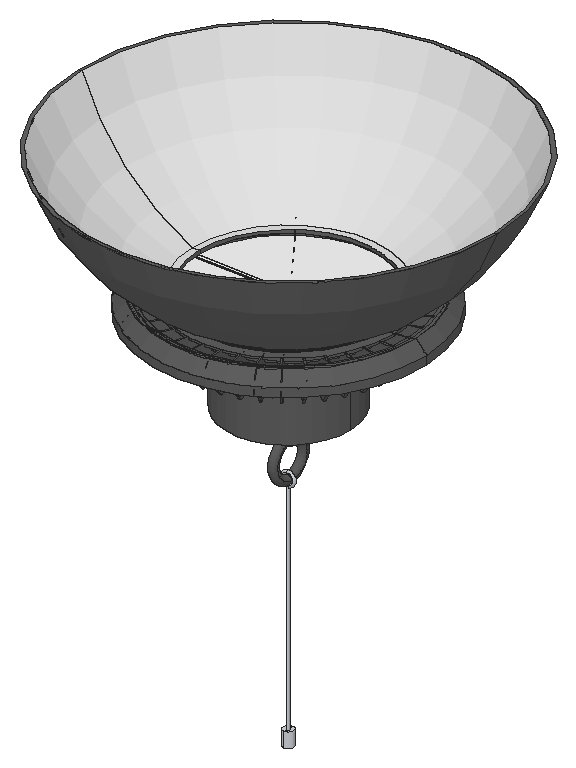
Revit family "0039362+0039357 Sylvania Lighting Fixture START HighBay IP65 DALI 13000lm 840 MB with ALU SHADE BLACK COLOR FOR 13 19KLM pendant", category Lighting Fixtures, host Face, Revit 2017
Family settings
  Host = Face
  Round Connector Dimension = Use Diameter
  Part Type = Normal
  OmniClass Number = 23.80.70.00
  OmniClass Title = Lighting
  Cut with Voids When Loaded = No
  Light Source = Yes
  Shared = No
  Room Calculation Point = No
Parameters (values of type "0039362+0039357 START HighBay IP65 DALI 13000lm 840 MB with ALU SHADE BLACK COLOR FOR 13/19KLM")
  WidthStraight_FEILO = if(SizeS_FEILO, 3 mm, if(SizeM_FEILO, 4 mm, 4.7 mm))  # 3 mm
  WidthRingChamfer_FEILO = if(SizeS_FEILO, 10.3 mm, if(SizeM_FEILO, 11.2 mm, 12.9 mm))  # 10.3 mm
  WidthCurved_FEILO = if(SizeS_FEILO, 17.4 mm, if(SizeM_FEILO, 16.4 mm, 26.2 mm))  # 17.4 mm
  WidthCurvedRing_FEILO = if(SizeS_FEILO, 3 mm, if(SizeM_FEILO, 4 mm, 4.7 mm))  # 3 mm
  WidthBracket_FEILO = 40 mm
  Weight = "3.0 kg"
  Wattage Comments = ""
  Wattage = 90 W
  WarrantyStartDate [instance] = "n/a"
  WarrantyGuarantorParts = "n/a"
  WarrantyDurationUnit = "n/a"
  WarrantyDurationParts = "n/a"
  WarrantyDescription = "n/a"
  built-in parameter 1150110 = 1 (stored number, unit not read)
  Voltage = 0 V
  VisibilityBracket_FEILO = no
  URL = "http://www.sylvania-lighting.com"
  TypeName = "START HighBay IP65 DALI 13000lm 840 MB with ALU SHADE BLACK COLOR FOR 13/19KLM"
  Type Image = <None>
  Type Comments = "n/a"
  built-in parameter 1114217 = 1 (stored number, unit not read)
  Tilt Angle = -90.00°
  ThicknessWall_FEILO = 1.5 mm
  ThicknessBracket_FEILO = 1.5 mm
  ThicknessBracketHalf_FEILO = ThicknessBracket_FEILO / 2  # 0.75 mm
  built-in parameter 1150109 = 1 (stored number, unit not read)
  built-in parameter 1150134 = 12
  SuspensionHeight_FEILO [instance] = 400 mm
  built-in parameter 1150113 = 1 (stored number, unit not read)
  SizeS_FEILO = yes
  SizeM_FEILO = no
  ShadeThickness_FEILO = 3 mm
  ShadeSizeSM_FEILO = or(SizeS_FEILO, SizeM_FEILO)  # yes
  ShadeRadiusOut_FEILO = 205 mm
  ShadeRadiusIn_FEILO = if(ShadeSizeSM_FEILO, 95 mm, 121 mm)  # 95 mm
  ShadeRadiusBend_FEILO = if(ShadeSizeSM_FEILO, 210 mm, 210 mm)  # 210 mm
  ShadeHeight_FEILO = if(ShadeSizeSM_FEILO, 120 mm, 151 mm)  # 120 mm
  SerialNumber [instance] = "n/a"
  Rib4_FEILO = if(SizeS_FEILO, 18.1 mm, if(SizeM_FEILO, 13.6 mm, 14.6 mm))  # 18.1 mm
  Rib3_FEILO = if(SizeS_FEILO, 15.3 mm, if(SizeM_FEILO, 17.6 mm, 20.2 mm))  # 15.3 mm
  Rib2_FEILO = if(SizeS_FEILO, 3.6 mm, if(SizeM_FEILO, 3.9 mm, 4.5 mm))  # 3.6 mm
  Rib1_FEILO = if(SizeS_FEILO, 15.1 mm, if(SizeM_FEILO, 16.5 mm, 19 mm))  # 15.1 mm
  RadiusDiffuser_FEILO = if(SizeS_FEILO, 95.2 mm, if(SizeM_FEILO, 105.3 mm, 120 mm))  # 95.2 mm
  RadiusArrayPost_FEILO = DriverRadius_FEILO - 6 mm  # 55.4 mm
  RHRadius3_FEILO = if(SizeS_FEILO, 6.6 mm, if(SizeM_FEILO, 7.4 mm, 8.6 mm))  # 6.6 mm
  RHRadius2_FEILO = if(SizeS_FEILO, 11 mm, if(SizeM_FEILO, 12 mm, 14 mm))  # 11 mm
  RHRadius1_FEILO = if(SizeS_FEILO, 13.6 mm, if(SizeM_FEILO, 14.9 mm, 17.7 mm))  # 13.6 mm
  RHHeight4_FEILO = if(SizeS_FEILO, 7.3 mm, if(SizeM_FEILO, 8 mm, 9.2 mm))  # 7.3 mm
  RHHeight3_FEILO = if(SizeS_FEILO, 3.6 mm, if(SizeM_FEILO, 3.7 mm, 4.6 mm))  # 3.6 mm
  RHHeight2_FEILO = if(SizeS_FEILO, 2 mm, if(SizeM_FEILO, 2.2 mm, 2.6 mm))  # 2 mm
  RHHeight1_FEILO = if(SizeS_FEILO, 11.8 mm, if(SizeM_FEILO, 15.3 mm, 17.4 mm))  # 11.8 mm
  Photometric Web File = "0039362+0039357.ies"
  Material_5_FEILO = Shade-Sylvania-StartHighbay-Alu
  Material_3_FEILO = LED-Sylvania-StartHighbay-Glow
  PowerFactor = 0.95
  PowerConsumption = "90 W"
  NominalLength = 270 mm
  NominalHeight = 175 mm
  NominalDepth = 270 mm
  Name = "START HighBay IP65 DALI 13000lm 840 MB with ALU SHADE BLACK COLOR FOR 13/19KLM"
  ModelReference = Name  # "START HighBay IP65 DALI 13000lm 840 MB with ALU SHADE BLACK COLOR FOR 13/19KLM"
  ModelNumber = "0039362+0039357"
  Model = Name  # "START HighBay IP65 DALI 13000lm 840 MB with ALU SHADE BLACK COLOR FOR 13/19KLM"
  Material = "aluminium alloy housing, polycarbonate diffuser"
  ManufacturerName = "Feilo Sylvania"
  Manufacturer = "Feilo Sylvania"
  LuminousEfficacy = "130 lm/W"
  built-in parameter 1150105 = 15901.2 (stored number, unit not read)
  Lumens = 11700 lm
  LuminaireType = ""
  built-in parameter 1150115 = 1 (stored number, unit not read)
  LightOutputRatio = "n/a"
  built-in parameter 1150137 = (empty or 0)
  built-in parameter 1150139 = (empty or 0)
  LampsType = Lamp  # "LED"
  LampNominalLuminous = "11700 lm"
  LampMacAdamStep = "6"
  LampColourTemperature = "4000 K"
  LampColourRenderingIndex = "80"
  built-in parameter 1150112 = 1 (stored number, unit not read)
  built-in parameter 1150114 = 1 (stored number, unit not read)
  Lamp = "LED"
  Keynote = "16500"
  InstallationDate [instance] = "n/a"
  InputVoltage = "n/a"
  InputNominalFrequency = "50/60 Hz"
  built-in parameter 1150132 = (empty or 0)
  built-in parameter 1150102 = (empty or 0)
  built-in parameter 1150107 = 4000 (stored number, unit not read)
  built-in parameter 1150138 = (empty or 0)
  IngressProtection = "IP65"
  ImpactProtectionIndex = "IK08"
  built-in parameter 1150106 = 159.01 (stored number, unit not read)
  IfcExportType = "IfcLightFixtureType"
  IfcExportAs = "IfcLightFixtureType"
  HeightRing_FEILO = if(SizeS_FEILO, 19.8 mm, if(SizeM_FEILO, 32 mm, 36.8 mm))  # 19.8 mm
  HeightRingChamfer_FEILO = if(SizeS_FEILO, 11.7 mm, if(SizeM_FEILO, 23.2 mm, 26.6 mm))  # 11.7 mm
  EyeThickness_FEILO = if(SizeS_FEILO, 8.4 mm, if(SizeM_FEILO, 9.2 mm, 10.5 mm))  # 8.4 mm
  EyeThicknessHalf_FEILO = EyeThickness_FEILO / 2  # 4.2 mm
  EyeInner_FEILO = if(SizeS_FEILO, 13.8 mm, if(SizeM_FEILO, 15.1 mm, 17.3 mm))  # 13.8 mm
  ExpectedLife = 50000
  Emit from Circle Diameter = RadiusDiffuser_FEILO * 2  # 190.4 mm
  Emit Shape Visible in Rendering = no
  ElectricShockClassification = "Class I"
  built-in parameter 1150104 = 12.077 (stored number, unit not read)
  DurationUnit = "hours"
  DriverVerticalStraight_FEILO = if(SizeS_FEILO, 46.5 mm, if(SizeM_FEILO, 49.7 mm, 57 mm))  # 46.5 mm
  DriverVerticalChamfer_FEILO = if(SizeS_FEILO, 7.5 mm, if(SizeM_FEILO, 8.2 mm, 9.5 mm))  # 7.5 mm
  DriverRadius_FEILO = if(SizeS_FEILO, 61.4 mm, if(SizeM_FEILO, 67.2 mm, 76.4 mm))  # 61.4 mm
  DriverRadiusTop_FEILO = if(SizeS_FEILO, 42 mm, if(SizeM_FEILO, 45.3 mm, 52.4 mm))  # 42 mm
  DriverBottom_FEILO = if(SizeS_FEILO, 56 mm, if(SizeM_FEILO, 64.5 mm, 74 mm))  # 56 mm
  DocumentationLiterature = "http://www.sylvania-lighting.com/product/en-int/products/0039362"
  DimmingControlOptions = "Dimmable"
  Material_2_FEILO = Diffuser-Sylvania-StartHighbay-Transparent
  Radius_FEILO = if(SizeS_FEILO, 135 mm, if(SizeM_FEILO, 148 mm, 169.5 mm))  # 135 mm
  Dimming Lamp Color Temperature Shift = <None>
  DiameterWire_FEILO = 3 mm
  DiameterWireSupport_FEILO = 10 mm
  Description = "START Highbay, includes 1 m cables, black aluminium housing, 11,700 Lm, 90 W, 130 Lm/W, 4000 K, drive current: 2000 mA, CRI 80, 60° beam angle, DALI dimmable, IP65, IK08, 50,000 hrs (L80/B50), (D x H) 270 x 175 mm."
  Default Elevation = 1219.2 mm
  CreatedOn = "5/15/2018"
  CreatedBy = ""
  Cost = 0
  Color Filter = 16777215
  built-in parameter 1114216 [instance] = (empty or 0)
  ClassificationValue = "EF_70_80"
  ClassificationName = "Uniclass2015"
  Material_1_FEILO = Body-Sylvania-StartHighbay-Black
  BarCode [instance] = "n/a"
  built-in parameter 1114218 = 1 (stored number, unit not read)
  built-in parameter 1150133 = 10 (stored number, unit not read)
  AssetType = "Fixed"
  AssetIdentifier [instance] = "n/a"
  Assembly Code = "D5020200"
  Apparent Load = 90 VA
  Material_4_FEILO = Shade-Sylvania-StartHighbay-Black
Reference planes
  plane 1 "Center (Front/Back)": y = 0
  plane 2: z = 0
  plane 3 "Center (Left/Right)": x = 0
  plane 4: z = 400
  plane 5: x = -135
  plane 6: x = -124.7
  plane 7: z = 388.3
  plane 8: z = 380.2
  plane 9: x = -121.7
  plane 10: z = 397.375
  plane 11: x = -104.3
  plane 12: x = -95.2
  plane 13: x = -118.7
  plane 14: z = 398.375
  plane 15: z = 396.375
  plane 16: x = -92.2
  plane 17: z = 395.375
  plane 18: x = -133.5
  plane 19: x = -119.9
  plane 20: z = 376.6
  plane 21: x = -104.6
  plane 22: z = 358.5
  plane 23: x = -20
  plane 24: z = 344
  plane 25: x = -61.4
  plane 26: z = 297.5
  plane 27: x = -42
  plane 28: z = 290
  plane 29: x = -13.6
  plane 30: z = 278.2
  plane 31: z = 276.2
  plane 32: x = -11
  plane 33: z = 272.6
  plane 34: z = 265.3
  plane 35: x = -6.6
  plane 36: z = 251.5
  plane 37: z = 237.7
  plane 38: x = 4.2
  plane 39: x = -4.2
  plane 40: z = 229.3
  plane 41: z = 233.5
  plane 42: x = -129.1
  plane 43: x = -132.5
  plane 44: z = 378.7
  plane 45: x = -123.2
  plane 46: z = 320.75
  plane 47: y = -20
  plane 48: y = 20
  plane 49: x = 135
  plane 50: x = 124.7
  plane 51: x = 133.5
  plane 52: x = 129.1
  plane 53: x = 132.5
  plane 54: x = 123.2
  plane 55: z = 240.7
  plane 56: y = 1.5
  plane 57: y = -1.5
  plane 58: z = 239.2
  plane 59: z = 227.8
  plane 60: z = 226.3
  plane 61: y = -5
  plane 62: y = 5
  plane 63: z = 14
  plane 64: x = -205
  plane 65: z = 520
  plane 66: x = -95
  plane 67: x = -87
  plane 68: x = -202
  plane 69: z = 403
Forms (mm)
  Revolve 1, solid, material "Body-Sylvania-StartHighbay-Black" <- "Material_1_FEILO", detail levels medium+fine
    sketch origin (0, 0, 0) x (1, 0, 0) y (0, 0, 1)
      loop
        line (-135, 380.2) -> (-133.5, 380.2) -> (-133.5, 387.734) -> (-125.012, 397.375) -> (-118.7, 397.375) -> (-118.7, 399.16)
        arc (-118.7, 399.16) -> (-120.206, 399.56) -> (-121.7, 400) r 58.981
        line (-121.7, 400) -> (-124.241, 400)
        arc (-124.241, 400) -> (-124.657, 399.911) -> (-124.999, 399.66) r 1.015
        line (-124.999, 399.66) -> (-135, 388.3) -> (-135, 380.2)
      axis (0, 400) -> (0, 380.2)
    angle from 360 to 0
  Revolve 2, solid, material "Body-Sylvania-StartHighbay-Black" <- "Material_1_FEILO", detail levels medium+fine
    sketch origin (0, 0, 0) x (1, 0, 0) y (0, 0, 1)
      loop
        line (-104.3, 395.375) -> (-95.2, 395.375) -> (-95.2, 388.3) -> (0, 388.3) -> (0, 395.375) -> (-92.2, 395.375) -> (-92.2, 396.375) -> (-95.2, 396.375) -> (-95.2, 397.375) -> (-104.3, 397.375) -> (-104.3, 395.375)
      axis (0, 397.375) -> (0, 388.3)
    angle from 360 to 0
  Revolve 3, solid, material "Diffuser-Sylvania-StartHighbay-Transparent" <- "Material_2_FEILO", detail levels medium+fine
    sketch origin (0, 0, 0) x (1, 0, 0) y (0, 0, 1)
      loop
        line (-95.2, 396.375) -> (0, 396.375) -> (0, 398.375) -> (-95.2, 398.375) -> (-95.2, 396.375)
      axis (0, 398.375) -> (0, 396.375)
    angle from 360 to 0
  Revolve 4, solid, material "Body-Sylvania-StartHighbay-Black" <- "Material_1_FEILO"
    sketch origin (0, 0, 0) x (1, 0, 0) y (0, 0, 1)
      loop
        line (-61.4, 358.5) -> (-61.4, 297.5) -> (-42, 290) -> (-13.6, 290) -> (-13.6, 278.2) -> (-11, 276.2) -> (-11, 272.6) -> (-7.037, 266.026)
        arc (-7.037, 266.026) -> (-6.49, 265.494) -> (-5.753, 265.3) r 1.5
        line (-5.753, 265.3) -> (0, 265.3) -> (0, 358.5) -> (-61.4, 358.5)
      axis (0, 358.5) -> (0, 265.3)
    angle from 360 to 0
  Revolve 5, solid, material "Body-Sylvania-StartHighbay-Black" <- "Material_1_FEILO"
    sketch origin (0, 0, 0) x (1, 0, 0) y (0, 0, 1)
      loop
        circle (0, 233.5) r 4.2
      axis (4.2, 251.5) -> (-4.2, 251.5)
    angle from 360 to 0
  Extrusion 6, solid, material "Body-Sylvania-StartHighbay-Black" <- "Material_1_FEILO", visible <- "VisibilityBracket_FEILO"
    sketch origin (0, 0, 0) x (1, 0, 0) y (0, 0, 1)
      loop
        line (-132.5, 380.2) -> (-132.5, 378.7) -> (-125.45, 378.7)
        arc (-125.45, 378.7) -> (-124.92, 378.48) -> (-124.7, 377.95) r 0.75
        line (-124.7, 377.95) -> (-124.7, 320.75) -> (-123.2, 320.75) -> (-123.2, 378.7)
        arc (-123.2, 378.7) -> (-123.639, 379.761) -> (-124.7, 380.2) r 1.5
        line (-124.7, 380.2) -> (-132.5, 380.2)
      loop
        line (132.5, 380.2) -> (124.7, 380.2)
        arc (124.7, 380.2) -> (123.639, 379.761) -> (123.2, 378.7) r 1.5
        line (123.2, 378.7) -> (123.2, 320.75) -> (124.7, 320.75) -> (124.7, 377.95)
        arc (124.7, 377.95) -> (124.92, 378.48) -> (125.45, 378.7) r 0.75
        line (125.45, 378.7) -> (132.5, 378.7) -> (132.5, 380.2)
    from -20 to 20
  Extrusion 7, void
    sketch origin (0, 0, 0) x (0, 1, 0) y (0, 0, 1)
      loop
        arc (-10, 320.75) -> (-17.071, 323.679) -> (-20, 330.75) r 10
        line (-20, 330.75) -> (-25, 330.75) -> (-25, 315.75) -> (-10, 315.75) -> (-10, 320.75)
      loop
        line (10, 320.75) -> (10, 315.75) -> (25, 315.75) -> (25, 330.75) -> (20, 330.75)
        arc (20, 330.75) -> (17.071, 323.679) -> (10, 320.75) r 10
    from -124.7 to 124.7
  Revolve 8, solid, material "Body-Sylvania-StartHighbay-Black" <- "Material_1_FEILO", detail levels coarse
    sketch origin (0, 0, 0) x (1, 0, 0) y (0, 0, 1)
      loop
        line (0, 400) -> (-124.7, 400) -> (-135, 388.3) -> (-135, 380.2) -> (-119.9, 380.2) -> (-119.9, 376.6) -> (-104.6, 358.5) -> (0, 358.5) -> (0, 400)
      axis (0, 400) -> (0, 358.5)
    angle from 360 to 0
  Revolve 9, solid
    sketch origin (0, 0, 0) x (0, 1, 0) y (0, 0, 1)
      loop
        circle (0, 239.2) r 1.5
      axis (1.5, 233.5) -> (-1.5, 233.5)
    angle from 360 to 0
  Revolve 10, solid
    sketch origin (0, 0, 0) x (0, 1, 0) y (0, 0, 1)
      loop
        line (0, 0) -> (0, 227.8) -> (-1.5, 227.8) -> (-1.5, 14) -> (-5, 14) -> (-5, 0) -> (0, 0)
      axis (0, 0) -> (0, 227.8)
    angle from 360 to 0
  Revolve 11, solid, material "Shade-Sylvania-StartHighbay-Black" <- "Material_4_FEILO"
    sketch origin (0, 0, 0) x (1, 0, 0) y (0, 0, 1)
      loop
        line (-95, 400) -> (-87, 400) -> (-87, 403) -> (-94.341, 403)
        arc (-94.341, 403) -> (-159.747, 450.78) -> (-201.81, 520) r 207
        line (-201.81, 520) -> (-205, 520)
        arc (-205, 520) -> (-162.101, 448.908) -> (-95, 400) r 210
      axis (0, 520) -> (0, 400)
    angle from 360 to 0
Cuts and joins
  Extrusion 7 cuts Extrusion 6
Lines and regions (mm)
  reference lines
    curve 1: line (-135, 0, 388.3) -> (-124.7, 0, 400)
    curve 2: line (-104.3, 0, 397.375) -> (0, 0, 397.375)
    curve 3: arc (-104.3, 0, 397.375) -> (-113.098, 0, 398.035) -> (-121.7, 0, 400) r 58.981
    curve 4: line (-124.7, 0, 400) -> (-121.7, 0, 400)
    curve 5: line (-125.012, 0, 397.375) -> (-133.5, 0, 387.734)
    curve 6: line (-119.9, 0, 376.6) -> (-104.6, 0, 358.5)
    curve 7: line (-11, 0, 272.6) -> (-6.6, 0, 265.3)
    curve 8: circle (0, 0, 233.5) r 4.2 normal (0, -1, 0)
    curve 9: arc (-95, 0, 400) -> (-162.101, 0, 448.908) -> (-205, 0, 520) r 210
Dimensions and locks
  "Radius_FEILO": plane 3 "Center (Left/Right)" to plane 5
  "WidthRingChamfer_FEILO": plane 6 to plane 5
  "WidthStraight_FEILO": plane 9 to plane 6
  "WidthCurvedRing_FEILO": plane 13 to plane 9
  locked: plane 10 to plane 15 at 1
  locked: plane 14 to plane 10 at 1
  locked: plane 4 to plane 10 at 2.625
  locked: plane 15 to plane 17 at 1
  "ThicknessWall_FEILO": plane 18 to plane 5
  "ThicknessWall_FEILO": curve 5 to curve 1
  "HeightRingChamfer_FEILO": plane 4 to plane 7
  "HeightRing_FEILO": plane 4 to plane 8
  "RadiusDiffuser_FEILO": plane 3 "Center (Left/Right)" to plane 12
  locked: plane 16 to plane 12 at 3
  "WidthCurved_FEILO": plane 11 to plane 9
  "SuspensionHeight_FEILO": plane 4 to plane 2
  "Rib1_FEILO": plane 19 to plane 5
  "Rib2_FEILO": plane 8 to plane 20
  "Rib3_FEILO": plane 21 to plane 19
  "Rib4_FEILO": plane 20 to plane 22
  locked: plane 3 "Center (Left/Right)" to plane 23 at 20
  "DriverBottom_FEILO": plane 4 to plane 24
  "DriverRadius_FEILO": plane 3 "Center (Left/Right)" to plane 25
  "DriverVerticalStraight_FEILO": plane 24 to plane 26
  "DriverRadiusTop_FEILO": plane 3 "Center (Left/Right)" to plane 27
  "DriverVerticalChamfer_FEILO": plane 26 to plane 28
  "RHRadius1_FEILO": plane 3 "Center (Left/Right)" to plane 29
  "RHHeight2_FEILO": plane 30 to plane 31
  "RHRadius2_FEILO": plane 3 "Center (Left/Right)" to plane 32
  "RHHeight3_FEILO": plane 31 to plane 33
  "RHHeight4_FEILO": plane 33 to plane 34
  "RHRadius3_FEILO": plane 3 "Center (Left/Right)" to plane 35
  "RHHeight1_FEILO": plane 28 to plane 30
  "EyeInner_FEILO": plane 34 to plane 36
  "EyeInner_FEILO": plane 36 to plane 37
  equal spacing: plane 38, plane 3 "Center (Left/Right)", plane 39
  "EyeThickness_FEILO": plane 38 to plane 39
  "EyeThickness_FEILO": plane 37 to plane 40
  equal spacing: plane 37, plane 41, plane 40
  equal spacing: plane 6, plane 42, plane 18
  "ThicknessBracket_FEILO": plane 45 to plane 6
  "ThicknessBracket_FEILO": plane 8 to plane 44
  locked: plane 43 to plane 18 at 1
  equal spacing: plane 24, plane 46, plane 26
  equal spacing: plane 47, plane 1 "Center (Front/Back)", plane 48
  "WidthBracket_FEILO": plane 47 to plane 48
  "WidthRingChamfer_FEILO": plane 50 to plane 49
  "ThicknessWall_FEILO": plane 51 to plane 49
  equal spacing: plane 50, plane 52, plane 51
  "ThicknessBracket_FEILO": plane 54 to plane 50
  locked: plane 53 to plane 51 at 1
  "Radius_FEILO": plane 49 to plane 3 "Center (Left/Right)"
  equal spacing: plane 57, imposter light, plane 56
  "DiameterWire_FEILO": plane 57 to plane 56
  "DiameterWire_FEILO": plane 37 to plane 55
  equal spacing: plane 37, plane 58, plane 55
  "DiameterWire_FEILO": plane 60 to plane 40
  equal spacing: plane 60, plane 59, plane 40
  equal spacing: plane 61, plane 1 "Center (Front/Back)", plane 62
  "DiameterWireSupport_FEILO": plane 61 to plane 62
  locked: plane 63 to plane 2 at 14
  "ShadeRadiusOut_FEILO": plane 3 "Center (Left/Right)" to plane 64
  "ShadeHeight_FEILO": plane 65 to plane 4
  "ShadeRadiusIn_FEILO": plane 3 "Center (Left/Right)" to plane 66
  locked: plane 67 to plane 66 at 8
  "ShadeThickness_FEILO": plane 69 to plane 4
  "ShadeThickness_FEILO": plane 68 to plane 64
  "EyeThicknessHalf_FEILO": radius of curve 8
  "ThicknessBracket_FEILO": radius of Extrusion 6 sketch curve  (x2)
  "ThicknessBracketHalf_FEILO": radius of Extrusion 6 sketch curve  (x2)
  "DiameterWire_FEILO": diameter of Revolve 9 sketch curve
  "ShadeRadiusBend_FEILO": radius of curve 9
  aligned and locked: plane 2 to host face
  aligned and locked: level to host face
  aligned and locked: plane 5 to curve 1
  aligned and locked: plane 6 to curve 1
  aligned and locked: plane 7 to curve 1
  aligned and locked: plane 10 to curve 2
  aligned and locked: plane 9 to curve 3
  aligned and locked: plane 4 to curve 3
  aligned and locked: plane 11 to curve 3
  aligned and locked: plane 4 to curve 4
  aligned and locked: plane 18 to curve 5
  aligned and locked: plane 10 to curve 5
  aligned and locked: Revolve 1 sketch curve to plane 3 "Center (Left/Right)"
  aligned and locked: Revolve 1 sketch curve to curve 3
  aligned and locked: Revolve 1 sketch curve to curve 1
  aligned and locked: plane 4 to Revolve 1 sketch curve
  aligned and locked: plane 9 to Revolve 1 sketch curve
  aligned and locked: Revolve 1 sketch curve to plane 13
  aligned and locked: Revolve 1 sketch curve to plane 10
  aligned and locked: plane 13 to Revolve 1 sketch curve
  aligned and locked: plane 10 to Revolve 1 sketch curve
  aligned and locked: Revolve 1 sketch curve to plane 18
  aligned and locked: Revolve 1 sketch curve to plane 8
  aligned and locked: plane 5 to Revolve 1 sketch curve  (x2)
  aligned and locked: Revolve 2 sketch curve to plane 3 "Center (Left/Right)"
  aligned and locked: plane 11 to Revolve 2 sketch curve
  aligned and locked: Revolve 2 sketch curve to curve 2
  aligned and locked: plane 15 to Revolve 2 sketch curve
  aligned and locked: Revolve 2 sketch curve to plane 16
  aligned and locked: plane 17 to Revolve 2 sketch curve  (x2)
  aligned and locked: Revolve 2 sketch curve to plane 12
  aligned and locked: plane 7 to Revolve 2 sketch curve
  aligned and locked: Revolve 3 sketch curve to plane 3 "Center (Left/Right)"
  aligned and locked: Revolve 3 sketch curve to plane 14
  aligned and locked: plane 3 "Center (Left/Right)" to Revolve 3 sketch curve
  aligned and locked: Revolve 3 sketch curve to plane 12
  aligned and locked: plane 15 to Revolve 3 sketch curve
  aligned and locked: Revolve 1 sketch curve to curve 5
  aligned and locked: plane 22 to curve 6
  aligned and locked: plane 21 to curve 6
  aligned and locked: plane 20 to curve 6
  aligned and locked: plane 19 to curve 6
  aligned and locked: plane 33 to curve 7
  aligned and locked: plane 32 to curve 7
  aligned and locked: plane 35 to curve 7
  aligned and locked: plane 34 to curve 7
  aligned and locked: Revolve 4 sketch curve to plane 3 "Center (Left/Right)"
  aligned and locked: Revolve 4 sketch curve to plane 25
  aligned and locked: plane 27 to Revolve 4 sketch curve
  aligned and locked: plane 28 to Revolve 4 sketch curve
  aligned and locked: plane 30 to Revolve 4 sketch curve
  aligned and locked: Revolve 4 sketch curve to plane 29
  aligned and locked: plane 31 to Revolve 4 sketch curve
  aligned and locked: Revolve 4 sketch curve to curve 7
  aligned and locked: Revolve 4 sketch curve to plane 32
  aligned and locked: plane 34 to Revolve 4 sketch curve
  aligned and locked: plane 3 "Center (Left/Right)" to Revolve 4 sketch curve
  aligned and locked: plane 3 "Center (Left/Right)" to curve 8
  aligned and locked: plane 41 to curve 8
  aligned and locked: Revolve 5 sketch curve to plane 36
  aligned and locked: Revolve 5 sketch curve to curve 8
  aligned and locked: plane 43 to Extrusion 6 sketch curve  (x2)
  aligned and locked: plane 8 to Extrusion 6 sketch curve  (x3)
  aligned and locked: Extrusion 6 sketch curve to plane 45
  aligned and locked: Extrusion 6 sketch curve to plane 46  (x2)
  aligned and locked: plane 6 to Extrusion 6 sketch curve
  aligned and locked: Extrusion 6 sketch curve to plane 44  (x2)
  aligned and locked: Extrusion 6 to plane 48
  aligned and locked: plane 47 to Extrusion 6
  aligned and locked: plane 53 to Extrusion 6 sketch curve
  aligned and locked: plane 50 to Extrusion 6 sketch curve
  aligned and locked: Extrusion 6 sketch curve to plane 54
  aligned and locked: Extrusion 7 sketch curve to Extrusion 7 sketch curve
  aligned and locked: Extrusion 7 to plane 6
  aligned and locked: Extrusion 7 to Extrusion 6
  aligned and locked: Revolve 4 sketch curve to plane 22
  aligned and locked: plane 23 to nested 1
  aligned and locked: plane 1 "Center (Front/Back)" to nested 1
  aligned and locked: Revolve 8 sketch curve to plane 3 "Center (Left/Right)"
  aligned and locked: Revolve 8 sketch curve to plane 4
  aligned and locked: plane 6 to Revolve 8 sketch curve
  aligned and locked: plane 4 to Revolve 8 sketch curve
  aligned and locked: plane 7 to Revolve 8 sketch curve
  aligned and locked: Revolve 8 sketch curve to plane 5
  aligned and locked: plane 8 to Revolve 8 sketch curve  (x2)
  aligned and locked: Revolve 8 sketch curve to plane 19
  aligned and locked: plane 20 to Revolve 8 sketch curve
  aligned and locked: plane 19 to Revolve 8 sketch curve
  aligned and locked: plane 21 to Revolve 8 sketch curve
  aligned and locked: plane 22 to Revolve 8 sketch curve  (x2)
  aligned and locked: Revolve 8 sketch curve to Revolve 8 sketch curve
  aligned and locked: imposter light to plane 4
  aligned and locked: plane 3 "Center (Left/Right)" to imposter light
  aligned and locked: imposter light to plane 1 "Center (Front/Back)"
  aligned and locked: Revolve 9 sketch curve to plane 41
  aligned and locked: Revolve 10 sketch curve to plane 1 "Center (Front/Back)"
  aligned and locked: plane 1 "Center (Front/Back)" to Revolve 10 sketch curve  (x2)
  aligned and locked: host face to Revolve 10 sketch curve
  aligned and locked: plane 63 to Revolve 10 sketch curve
  aligned and locked: Revolve 10 sketch curve to plane 61
  aligned and locked: Revolve 10 sketch curve to plane 57
  aligned and locked: plane 59 to Revolve 10 sketch curve
  aligned and locked: plane 64 to curve 9
  aligned and locked: plane 65 to curve 9
  aligned and locked: plane 66 to curve 9
  aligned and locked: plane 4 to curve 9
  aligned and locked: Revolve 11 sketch curve to curve 9
  aligned and locked: plane 67 to Revolve 11 sketch curve
  aligned and locked: plane 66 to Revolve 11 sketch curve
  aligned and locked: plane 65 to Revolve 11 sketch curve  (x2)
  aligned and locked: Revolve 11 sketch curve to plane 67
  aligned and locked: plane 69 to Revolve 11 sketch curve
Automatic sketch dimensions
  host sketch curve to host sketch curve = 2438.4 mm  (x2)
  Revolve 1 sketch curve to plane 6 = 0.299 mm
  plane 6 to Revolve 1 sketch curve = 0.459 mm
  Revolve 1 sketch curve to level = 609.6 mm
  Revolve 1 sketch curve to Revolve 1 sketch curve = 2312.223 mm
  Revolve 2 sketch curve to plane 12 = 0 mm
  Revolve 2 sketch curve to plane 3 "Center (Left/Right)" = 0 mm
  Revolve 2 sketch curve to level = 609.6 mm
  Revolve 2 sketch curve to plane 4 = 2339.058 mm
  Revolve 3 sketch curve to level = 609.6 mm
  Revolve 3 sketch curve to plane 4 = 2339.058 mm
  Revolve 5 sketch curve to plane 5 = 1080 mm
  plane 38 to Revolve 5 sketch curve = 1219.2 mm
  Extrusion 7 sketch curve to plane 47 = 0 mm
  plane 46 to Extrusion 7 sketch curve = 0 mm  (x2)
  Extrusion 7 sketch curve to plane 48 = 0 mm
  plane 47 to Extrusion 7 sketch curve = 5 mm
  plane 1 "Center (Front/Back)" to Extrusion 7 sketch curve = 10 mm
  Extrusion 7 sketch curve to Extrusion 7 sketch curve = 10 mm
  plane 46 to Extrusion 7 sketch curve = 5 mm
  Extrusion 7 sketch curve to Extrusion 7 sketch curve = 5 mm
  Extrusion 7 sketch curve to plane 48 = 5 mm
  Revolve 4 sketch curve to plane 26 = 0 mm
  Revolve 4 sketch curve to plane 35 = 0.437 mm
  plane 35 to Revolve 4 sketch curve = 0.847 mm
  Revolve 4 sketch curve to plane 34 = 0.726 mm
  plane 40 to Revolve 4 sketch curve = 590.2 mm
  Revolve 4 sketch curve to plane 4 = 2339.058 mm
  Revolve 8 sketch curve to level = 609.6 mm
  Revolve 8 sketch curve to Revolve 8 sketch curve = 2386.058 mm
  Revolve 9 sketch curve to plane 1 "Center (Front/Back)" = 0 mm
  plane 58 to Revolve 9 sketch curve = 0 mm
  plane 47 to Revolve 9 sketch curve = 2534.941 mm
  Revolve 9 sketch curve to plane 48 = 2077.409 mm
  Revolve 10 sketch curve to Revolve 10 sketch curve = 609.6 mm
  Revolve 10 sketch curve to plane 4 = 2123.807 mm
  curve 2 to plane 3 "Center (Left/Right)" = 0 mm
  Revolve 11 sketch curve to Revolve 11 sketch curve = 0 mm  (x2)
  Revolve 11 sketch curve to plane 3 "Center (Left/Right)" = 0 mm
  plane 66 to Revolve 11 sketch curve = 0.659 mm
  Revolve 11 sketch curve to level = 609.6 mm
  Revolve 11 sketch curve to Revolve 11 sketch curve = 2068.248 mm
Nested families
  nested 1: "Start Highbay Rib" at (0, 0, 397.375), type "Type Name", detail levels medium+fine
    with SuspensionHeight_FEILO 2.6 mm
  nested 2: "Start Highbay Rib" at (0, 0, 397.375) x (0.9877, 0.1564, 0) z (0, 0, 1), type "Type Name", detail levels medium+fine
    with SuspensionHeight_FEILO 2.6 mm
  nested 3: "Start Highbay Rib" at (0, 0, 397.375) x (0.9511, 0.309, 0) z (0, 0, 1), type "Type Name", detail levels medium+fine
    with SuspensionHeight_FEILO 2.6 mm
  nested 4: "Start Highbay Rib" at (0, 0, 397.375) x (0.891, 0.454, 0) z (0, 0, 1), type "Type Name", detail levels medium+fine
    with SuspensionHeight_FEILO 2.6 mm
  nested 5: "Start Highbay Rib" at (0, 0, 397.375) x (0.809, 0.5878, 0) z (0, 0, 1), type "Type Name", detail levels medium+fine
    with SuspensionHeight_FEILO 2.6 mm
  nested 6: "Start Highbay Rib" at (0, 0, 397.375) x (0.7071, 0.7071, 0) z (0, 0, 1), type "Type Name", detail levels medium+fine
    with SuspensionHeight_FEILO 2.6 mm
  nested 7: "Start Highbay Rib" at (0, 0, 397.375) x (0.5878, 0.809, 0) z (0, 0, 1), type "Type Name", detail levels medium+fine
    with SuspensionHeight_FEILO 2.6 mm
  nested 8: "Start Highbay Rib" at (0, 0, 397.375) x (0.454, 0.891, 0) z (0, 0, 1), type "Type Name", detail levels medium+fine
    with SuspensionHeight_FEILO 2.6 mm
  nested 9: "Start Highbay Rib" at (0, 0, 397.375) x (0.309, 0.9511, 0) z (0, 0, 1), type "Type Name", detail levels medium+fine
    with SuspensionHeight_FEILO 2.6 mm
  nested 10: "Start Highbay Rib" at (0, 0, 397.375) x (0.1564, 0.9877, 0) z (0, 0, 1), type "Type Name", detail levels medium+fine
    with SuspensionHeight_FEILO 2.6 mm
  nested 11: "Start Highbay Rib" at (0, 0, 397.375) x (0, 1, 0) z (0, 0, 1), type "Type Name", detail levels medium+fine
    with SuspensionHeight_FEILO 2.6 mm
  nested 12: "Start Highbay Rib" at (0, 0, 397.375) x (-0.1564, 0.9877, 0) z (0, 0, 1), type "Type Name", detail levels medium+fine
    with SuspensionHeight_FEILO 2.6 mm
  nested 13: "Start Highbay Rib" at (0, 0, 397.375) x (-0.309, 0.9511, 0) z (0, 0, 1), type "Type Name", detail levels medium+fine
    with SuspensionHeight_FEILO 2.6 mm
  nested 14: "Start Highbay Rib" at (0, 0, 397.375) x (-0.454, 0.891, 0) z (0, 0, 1), type "Type Name", detail levels medium+fine
    with SuspensionHeight_FEILO 2.6 mm
  nested 15: "Start Highbay Rib" at (0, 0, 397.375) x (-0.5878, 0.809, 0) z (0, 0, 1), type "Type Name", detail levels medium+fine
    with SuspensionHeight_FEILO 2.6 mm
  nested 16: "Start Highbay Rib" at (0, 0, 397.375) x (-0.7071, 0.7071, 0) z (0, 0, 1), type "Type Name", detail levels medium+fine
    with SuspensionHeight_FEILO 2.6 mm
  nested 17: "Start Highbay Rib" at (0, 0, 397.375) x (-0.809, 0.5878, 0) z (0, 0, 1), type "Type Name", detail levels medium+fine
    with SuspensionHeight_FEILO 2.6 mm
  nested 18: "Start Highbay Rib" at (0, 0, 397.375) x (-0.891, 0.454, 0) z (0, 0, 1), type "Type Name", detail levels medium+fine
    with SuspensionHeight_FEILO 2.6 mm
  nested 19: "Start Highbay Rib" at (0, 0, 397.375) x (-0.9511, 0.309, 0) z (0, 0, 1), type "Type Name", detail levels medium+fine
    with SuspensionHeight_FEILO 2.6 mm
  nested 20: "Start Highbay Rib" at (0, 0, 397.375) x (-0.9877, 0.1564, 0) z (0, 0, 1), type "Type Name", detail levels medium+fine
    with SuspensionHeight_FEILO 2.6 mm
  nested 21: "Start Highbay Rib" at (0, 0, 397.375) x (-1, 0, 0) z (0, 0, 1), type "Type Name", detail levels medium+fine
    with SuspensionHeight_FEILO 2.6 mm
  nested 22: "Start Highbay Rib" at (0, 0, 397.375) x (-0.9877, -0.1564, 0) z (0, 0, 1), type "Type Name", detail levels medium+fine
    with SuspensionHeight_FEILO 2.6 mm
  nested 23: "Start Highbay Rib" at (0, 0, 397.375) x (-0.9511, -0.309, 0) z (0, 0, 1), type "Type Name", detail levels medium+fine
    with SuspensionHeight_FEILO 2.6 mm
  nested 24: "Start Highbay Rib" at (0, 0, 397.375) x (-0.891, -0.454, 0) z (0, 0, 1), type "Type Name", detail levels medium+fine
    with SuspensionHeight_FEILO 2.6 mm
  nested 25: "Start Highbay Rib" at (0, 0, 397.375) x (-0.809, -0.5878, 0) z (0, 0, 1), type "Type Name", detail levels medium+fine
    with SuspensionHeight_FEILO 2.6 mm
  nested 26: "Start Highbay Rib" at (0, 0, 397.375) x (-0.7071, -0.7071, 0) z (0, 0, 1), type "Type Name", detail levels medium+fine
    with SuspensionHeight_FEILO 2.6 mm
  nested 27: "Start Highbay Rib" at (0, 0, 397.375) x (-0.5878, -0.809, 0) z (0, 0, 1), type "Type Name", detail levels medium+fine
    with SuspensionHeight_FEILO 2.6 mm
  nested 28: "Start Highbay Rib" at (0, 0, 397.375) x (-0.454, -0.891, 0) z (0, 0, 1), type "Type Name", detail levels medium+fine
    with SuspensionHeight_FEILO 2.6 mm
  nested 29: "Start Highbay Rib" at (0, 0, 397.375) x (-0.309, -0.9511, 0) z (0, 0, 1), type "Type Name", detail levels medium+fine
    with SuspensionHeight_FEILO 2.6 mm
  nested 30: "Start Highbay Rib" at (0, 0, 397.375) x (-0.1564, -0.9877, 0) z (0, 0, 1), type "Type Name", detail levels medium+fine
    with SuspensionHeight_FEILO 2.6 mm
  nested 31: "Start Highbay Rib" at (0, 0, 397.375) x (0, -1, 0) z (0, 0, 1), type "Type Name", detail levels medium+fine
    with SuspensionHeight_FEILO 2.6 mm
  nested 32: "Start Highbay Rib" at (0, 0, 397.375) x (0.1564, -0.9877, 0) z (0, 0, 1), type "Type Name", detail levels medium+fine
    with SuspensionHeight_FEILO 2.6 mm
  nested 33: "Start Highbay Rib" at (0, 0, 397.375) x (0.309, -0.9511, 0) z (0, 0, 1), type "Type Name", detail levels medium+fine
    with SuspensionHeight_FEILO 2.6 mm
  nested 34: "Start Highbay Rib" at (0, 0, 397.375) x (0.454, -0.891, 0) z (0, 0, 1), type "Type Name", detail levels medium+fine
    with SuspensionHeight_FEILO 2.6 mm
  nested 35: "Start Highbay Rib" at (0, 0, 397.375) x (0.5878, -0.809, 0) z (0, 0, 1), type "Type Name", detail levels medium+fine
    with SuspensionHeight_FEILO 2.6 mm
  nested 36: "Start Highbay Rib" at (0, 0, 397.375) x (0.7071, -0.7071, 0) z (0, 0, 1), type "Type Name", detail levels medium+fine
    with SuspensionHeight_FEILO 2.6 mm
  nested 37: "Start Highbay Rib" at (0, 0, 397.375) x (0.809, -0.5878, 0) z (0, 0, 1), type "Type Name", detail levels medium+fine
    with SuspensionHeight_FEILO 2.6 mm
  nested 38: "Start Highbay Rib" at (0, 0, 397.375) x (0.891, -0.454, 0) z (0, 0, 1), type "Type Name", detail levels medium+fine
    with SuspensionHeight_FEILO 2.6 mm
  nested 39: "Start Highbay Rib" at (0, 0, 397.375) x (0.9511, -0.309, 0) z (0, 0, 1), type "Type Name", detail levels medium+fine
    with SuspensionHeight_FEILO 2.6 mm
  nested 40: "Start Highbay Rib" at (0, 0, 397.375) x (0.9877, -0.1564, 0) z (0, 0, 1), type "Type Name", detail levels medium+fine
    with SuspensionHeight_FEILO 2.6 mm
Connectors
  electrical at (0, 0, 0), driven by "Apparent Load", driven by "PowerFactor", driven by "Voltage"
    settings: index 1, voltage 0 V, apparent load 90 VA, apparent load phase1 0 VA, apparent load phase2 0 VA, apparent load phase3 0 VA, power factor 0.95, load classification "Lighting", number of poles 1, system type 30, power factor state 1, is connector primary yes, connector utility no, sub classification motor no, connector description ""
Definition of nested family "Start Highbay Rib"
  Parameters (values of type "Type Name")
    WidthStraight_FEILO = if(SizeS_FEILO, 3 mm, if(SizeM_FEILO, 4 mm, 4.7 mm))  # 3 mm
    WidthRingChamfer_FEILO = if(SizeS_FEILO, 10.3 mm, if(SizeM_FEILO, 11.2 mm, 12.9 mm))  # 10.3 mm
    WidthCurved_FEILO = if(SizeS_FEILO, 17.4 mm, if(SizeM_FEILO, 16.4 mm, 26.2 mm))  # 17.4 mm
    WidthCurvedRing_FEILO = if(SizeS_FEILO, 3 mm, if(SizeM_FEILO, 4 mm, 4.7 mm))  # 3 mm
    WidthBracket_FEILO = 40 mm
    URL = "http://www.feilosylvania.com"
    Type Image = (empty or 0)
    Type Comments = "n/a"
    ThicknessWall_FEILO = 1.5 mm
    ThicknessBracket_FEILO = 1.5 mm
    ThicknessBracketHalf_FEILO = ThicknessBracket_FEILO / 2  # 0.75 mm
    SuspensionHeight_FEILO [instance] = 2.6 mm
    SizeS_FEILO = yes
    SizeM_FEILO = no
    Rib4_FEILO = if(SizeS_FEILO, 18.1 mm, if(SizeM_FEILO, 13.6 mm, 14.6 mm))  # 18.1 mm
    Rib3_FEILO = if(SizeS_FEILO, 15.3 mm, if(SizeM_FEILO, 17.6 mm, 20.2 mm))  # 15.3 mm
    Rib2_FEILO = if(SizeS_FEILO, 3.6 mm, if(SizeM_FEILO, 3.9 mm, 4.5 mm))  # 3.6 mm
    Rib1_FEILO = if(SizeS_FEILO, 15.1 mm, if(SizeM_FEILO, 16.5 mm, 19 mm))  # 15.1 mm
    RadiusRib_FEILO = 2 mm
    RadiusDiffuser_FEILO = if(SizeS_FEILO, 95.2 mm, if(SizeM_FEILO, 105.3 mm, 120 mm))  # 95.2 mm
    RHRadius3_FEILO = if(SizeS_FEILO, 6.6 mm, if(SizeM_FEILO, 7.4 mm, 8.6 mm))  # 6.6 mm
    RHRadius2_FEILO = if(SizeS_FEILO, 11 mm, if(SizeM_FEILO, 12 mm, 14 mm))  # 11 mm
    RHRadius1_FEILO = if(SizeS_FEILO, 13.6 mm, if(SizeM_FEILO, 14.9 mm, 17.7 mm))  # 13.6 mm
    RHHeight4_FEILO = if(SizeS_FEILO, 7.3 mm, if(SizeM_FEILO, 8 mm, 9.2 mm))  # 7.3 mm
    RHHeight3_FEILO = if(SizeS_FEILO, 3.6 mm, if(SizeM_FEILO, 3.7 mm, 4.6 mm))  # 3.6 mm
    RHHeight2_FEILO = if(SizeS_FEILO, 2 mm, if(SizeM_FEILO, 2.2 mm, 2.6 mm))  # 2 mm
    RHHeight1_FEILO = if(SizeS_FEILO, 11.8 mm, if(SizeM_FEILO, 15.3 mm, 17.4 mm))  # 11.8 mm
    Material_3_FEILO = none
    Model = ""
    Manufacturer = "Feilo Sylvania"
    Keynote = "16500"
    HeightRing_FEILO = if(SizeS_FEILO, 19.8 mm, if(SizeM_FEILO, 32 mm, 36.8 mm))  # 19.8 mm
    HeightRingChamfer_FEILO = if(SizeS_FEILO, 11.7 mm, if(SizeM_FEILO, 23.2 mm, 26.6 mm))  # 11.7 mm
    EyeThickness_FEILO = if(SizeS_FEILO, 8.4 mm, if(SizeM_FEILO, 9.2 mm, 10.5 mm))  # 8.4 mm
    EyeThicknessHalf_FEILO = EyeThickness_FEILO / 2  # 4.2 mm
    EyeInner_FEILO = if(SizeS_FEILO, 13.8 mm, if(SizeM_FEILO, 15.1 mm, 17.3 mm))  # 13.8 mm
    DriverVerticalStraight_FEILO = if(SizeS_FEILO, 46.5 mm, if(SizeM_FEILO, 49.7 mm, 57 mm))  # 46.5 mm
    DriverVerticalChamfer_FEILO = if(SizeS_FEILO, 7.5 mm, if(SizeM_FEILO, 8.2 mm, 9.5 mm))  # 7.5 mm
    DriverRadius_FEILO = if(SizeS_FEILO, 61.4 mm, if(SizeM_FEILO, 67.2 mm, 76.4 mm))  # 61.4 mm
    DriverRadiusTop_FEILO = if(SizeS_FEILO, 42 mm, if(SizeM_FEILO, 45.3 mm, 52.4 mm))  # 42 mm
    DriverBottom_FEILO = if(SizeS_FEILO, 56 mm, if(SizeM_FEILO, 64.5 mm, 74 mm))  # 56 mm
    Material_2_FEILO = none
    Radius_FEILO = if(SizeS_FEILO, 135 mm, if(SizeM_FEILO, 148 mm, 169.5 mm))  # 135 mm
    Description = ""
    Default Elevation = 1219.2 mm
    Cost = 0
    Material_1_FEILO = none
    Assembly Code = "D5020200"
    Material_4_FEILO = none
  Reference planes
    plane 1 "Center (Front/Back)": y = 0
    plane 2: z = 0
    plane 3 "Center (Left/Right)": x = 0
    plane 4: z = 2.6
    plane 5: x = -135
    plane 6: x = -124.7
    plane 7: z = -9.1
    plane 8: z = -17.2
    plane 9: x = -121.7
    plane 10: z = -0.025
    plane 11: x = -104.3
    plane 12: x = -95.2
    plane 13: x = -118.7
    plane 14: z = 0.975
    plane 15: z = -1.025
    plane 16: x = -92.2
    plane 17: z = -2.025
    plane 18: x = -133.5
    plane 19: x = -119.9
    plane 20: z = -20.8
    plane 21: x = -104.6
    plane 22: z = -38.9
    plane 23: x = -20
    plane 24: z = -53.4
    plane 25: x = -61.4
    plane 26: z = -99.9
    plane 27: x = -42
    plane 28: z = -107.4
    plane 29: x = -13.6
    plane 30: z = -119.2
    plane 31: z = -121.2
    plane 32: x = -11
    plane 33: z = -124.8
    plane 34: z = -132.1
    plane 35: x = -6.6
    plane 36: z = -145.9
    plane 37: z = -159.7
    plane 38: x = 4.2
    plane 39: x = -4.2
    plane 40: z = -168.1
    plane 41: z = -163.9
    plane 42: x = -129.1
    plane 43: x = -132.5
    plane 44: z = -18.7
    plane 45: x = -123.2
    plane 46: z = -76.65
    plane 47: y = -20
    plane 48: y = 20
    plane 49: x = 135
    plane 50: x = 124.7
    plane 51: x = 133.5
    plane 52: x = 129.1
    plane 53: x = 132.5
    plane 54: x = 123.2
    plane 55: y = 0.75
    plane 56: y = -0.75
  Forms (mm)
    Extrusion 1, solid
      sketch origin (4.2, 0, 0) x (1, 0, 0) y (0, 1, 0)
        loop
          line (-1219.2, 1219.2) -> (-1219.2, -1219.2) -> (1219.2, -1219.2) -> (1219.2, 1219.2) -> (-1219.2, 1219.2)
      from 0 to -68.017
    Extrusion 2, solid, material <- "Material_1_FEILO"
      sketch origin (0, 0, 0) x (1, 0, 0) y (0, 0, 1)
        loop
          arc (-104.3, -0.025) -> (-111.555, 0.423) -> (-118.7, 1.76) r 58.981
          line (-118.7, 1.76) -> (-118.7, -0.025) -> (-125.012, -0.025) -> (-133.5, -9.666) -> (-133.5, -17.2) -> (-119.9, -17.2) -> (-119.9, -20.068)
          arc (-119.9, -20.068) -> (-119.778, -20.755) -> (-119.427, -21.359) r 2
          line (-119.427, -21.359) -> (-104.966, -38.467)
          arc (-104.966, -38.467) -> (-104.381, -38.789) -> (-103.723, -38.9) r 2
          line (-103.723, -38.9) -> (-20, -38.9) -> (-20, -9.1) -> (-95.2, -9.1) -> (-95.2, -2.025) -> (-104.3, -2.025) -> (-104.3, -0.025)
      from -0.75 to 0.75
  Lines and regions (mm)
    reference lines
      curve 1: line (-135, 0, -9.1) -> (-124.7, 0, 2.6)
      curve 2: line (-104.3, 0, -0.025) -> (0, 0, -0.025)
      curve 3: arc (-104.3, 0, -0.025) -> (-113.098, 0, 0.635) -> (-121.7, 0, 2.6) r 58.981
      curve 4: line (-124.7, 0, 2.6) -> (-121.7, 0, 2.6)
      curve 5: line (-125.012, 0, -0.025) -> (-133.5, 0, -9.666)
      curve 6: line (-119.9, 0, -20.8) -> (-104.6, 0, -38.9)
  Dimensions and locks
    "Radius_FEILO": plane 3 "Center (Left/Right)" to plane 5
    "WidthRingChamfer_FEILO": plane 6 to plane 5
    "WidthStraight_FEILO": plane 9 to plane 6
    "WidthCurvedRing_FEILO": plane 13 to plane 9
    locked: plane 10 to plane 15 at 1
    locked: plane 14 to plane 10 at 1
    locked: plane 4 to plane 10 at 2.625
    locked: plane 15 to plane 17 at 1
    "ThicknessWall_FEILO": plane 18 to plane 5
    "ThicknessWall_FEILO": curve 5 to curve 1
    "HeightRingChamfer_FEILO": plane 4 to plane 7
    "HeightRing_FEILO": plane 4 to plane 8
    "RadiusDiffuser_FEILO": plane 3 "Center (Left/Right)" to plane 12
    locked: plane 16 to plane 12 at 3
    "WidthCurved_FEILO": plane 11 to plane 9
    "SuspensionHeight_FEILO": plane 4 to plane 2
    "Rib1_FEILO": plane 19 to plane 5
    "Rib2_FEILO": plane 8 to plane 20
    "Rib3_FEILO": plane 21 to plane 19
    "Rib4_FEILO": plane 20 to plane 22
    locked: plane 3 "Center (Left/Right)" to plane 23 at 20
    "DriverBottom_FEILO": plane 4 to plane 24
    "DriverRadius_FEILO": plane 3 "Center (Left/Right)" to plane 25
    "DriverVerticalStraight_FEILO": plane 24 to plane 26
    "DriverRadiusTop_FEILO": plane 3 "Center (Left/Right)" to plane 27
    "DriverVerticalChamfer_FEILO": plane 26 to plane 28
    "RHRadius1_FEILO": plane 3 "Center (Left/Right)" to plane 29
    "RHHeight2_FEILO": plane 30 to plane 31
    "RHRadius2_FEILO": plane 3 "Center (Left/Right)" to plane 32
    "RHHeight3_FEILO": plane 31 to plane 33
    "RHHeight4_FEILO": plane 33 to plane 34
    "RHRadius3_FEILO": plane 3 "Center (Left/Right)" to plane 35
    "RHHeight1_FEILO": plane 28 to plane 30
    "EyeInner_FEILO": plane 34 to plane 36
    "EyeInner_FEILO": plane 36 to plane 37
    equal spacing: plane 38, plane 3 "Center (Left/Right)", plane 39
    "EyeThickness_FEILO": plane 38 to plane 39
    "EyeThickness_FEILO": plane 37 to plane 40
    equal spacing: plane 37, plane 41, plane 40
    equal spacing: plane 6, plane 42, plane 18
    "ThicknessBracket_FEILO": plane 45 to plane 6
    "ThicknessBracket_FEILO": plane 8 to plane 44
    locked: plane 43 to plane 18 at 1
    equal spacing: plane 24, plane 46, plane 26
    equal spacing: plane 47, plane 1 "Center (Front/Back)", plane 48
    "WidthBracket_FEILO": plane 47 to plane 48
    "WidthRingChamfer_FEILO": plane 50 to plane 49
    "ThicknessWall_FEILO": plane 51 to plane 49
    equal spacing: plane 50, plane 52, plane 51
    "ThicknessBracket_FEILO": plane 54 to plane 50
    locked: plane 53 to plane 51 at 1
    "Radius_FEILO": plane 49 to plane 3 "Center (Left/Right)"
    equal spacing: plane 56, plane 1 "Center (Front/Back)", plane 55
    "ThicknessWall_FEILO": plane 56 to plane 55
    "RadiusRib_FEILO": radius of Extrusion 2 sketch curve  (x2)
    aligned and locked: plane 2 to Extrusion 1
    aligned and locked: level to Extrusion 1
    aligned and locked: plane 5 to curve 1
    aligned and locked: plane 6 to curve 1
    aligned and locked: plane 7 to curve 1
    aligned and locked: plane 10 to curve 2
    aligned and locked: plane 9 to curve 3
    aligned and locked: plane 4 to curve 3
    aligned and locked: plane 11 to curve 3
    aligned and locked: plane 4 to curve 4
    aligned and locked: plane 18 to curve 5
    aligned and locked: plane 10 to curve 5
    aligned and locked: plane 22 to curve 6
    aligned and locked: plane 21 to curve 6
    aligned and locked: plane 20 to curve 6
    aligned and locked: plane 19 to curve 6
    aligned and locked: Extrusion 2 sketch curve to plane 23
    aligned and locked: Extrusion 2 sketch curve to plane 22
    aligned and locked: Extrusion 2 sketch curve to curve 6
    aligned and locked: plane 19 to Extrusion 2 sketch curve
    aligned and locked: Extrusion 2 sketch curve to plane 8
    aligned and locked: Extrusion 2 sketch curve to curve 5
    aligned and locked: Extrusion 2 sketch curve to curve 3
    aligned and locked: Extrusion 2 to plane 55
    aligned and locked: plane 56 to Extrusion 2
    aligned and locked: curve 6 to Extrusion 2 sketch curve
  Automatic sketch dimensions
    Extrusion 1 sketch curve to Extrusion 1 sketch curve = 2438.4 mm  (x2)
    curve 2 to plane 3 "Center (Left/Right)" = 0 mm
    Extrusion 2 sketch curve to plane 18 = 0 mm
    Extrusion 2 sketch curve to plane 10 = 0 mm
    Extrusion 2 sketch curve to plane 13 = 0 mm
    Extrusion 2 sketch curve to plane 7 = 0 mm
    Extrusion 2 sketch curve to plane 12 = 0 mm
    Extrusion 2 sketch curve to plane 17 = 0 mm
    plane 19 to Extrusion 2 sketch curve = 0.473 mm
    Extrusion 2 sketch curve to plane 21 = 0.366 mm
